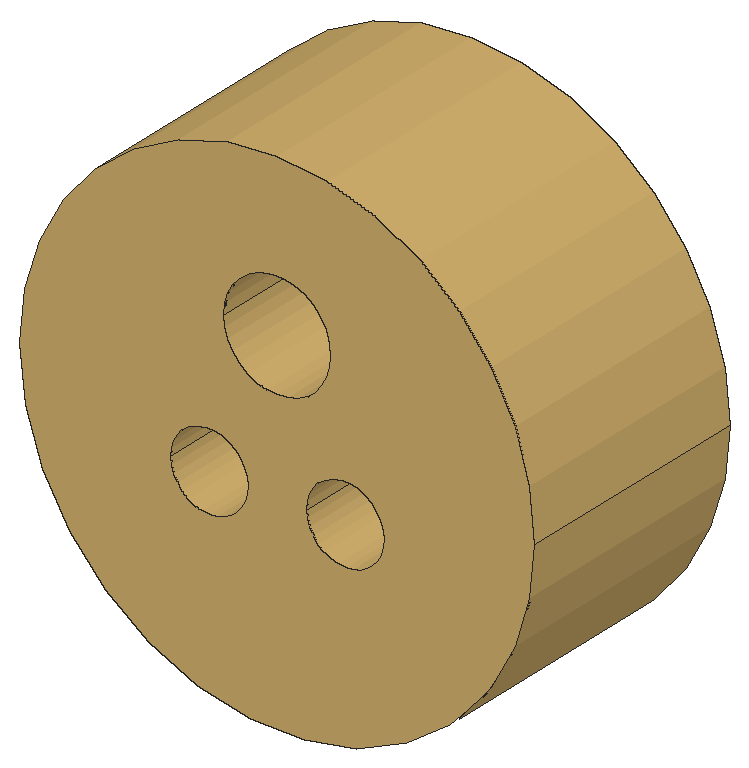
Revit family "PRD_FrankeWS_MxrTps_ExtensionSet_ACLM2002", category Specialty Equipment, Revit 2018
Family settings
  Round Connector Dimension = Use Diameter
  Part Type = Normal
  OmniClass Number = 23.45.05.14.99
  OmniClass Title = Other Sanitary Washing Plumbing Fixtures
  Work Plane-Based = Yes
  Always vertical = Yes
  Cut with Voids When Loaded = No
  Shared = No
  Room Calculation Point = No
Parameters (values of type "ACLM2002")
  WarrantyStartDate [instance] = "1900-12-31T23:59:59"
  WarrantyGuarantorParts = "n/a"
  WarrantyGuarantorLabor = "n/a"
  WarrantyDurationUnit = "year"
  WarrantyDurationParts = "n/a"
  WarrantyDurationLabor = "n/a"
  WarrantyDescription = "n/a"
  Version = "1"
  Uniclass2015Version = "Products v1.17"
  Uniclass2015Title = "Mixer taps"
  Uniclass2015Code = "Pr_40_20_87_55"
  URL = "www.kwc.com"
  TailorMade = "No"
  TagNumber [instance] = "n/a"
  SustainabilityPerformance = "n/a"
  Status = "New"
  Size = "n/a"
  Shape = "cylinder"
  SerialNumber [instance] = "n/a"
  Revision = "n/a"
  ReplacementCost = "n/a"
  Reference = "n/a"
  QuantityUom = "Piece"
  Quantity = "1"
  ProductInformation = "https://pim.kwc.com/product/2030044779/attachment/datasheet?locale=en"
  NominalWidth = 53 mm
  NominalLength = 53 mm
  NominalDepth = 25 mm
  NetWeight = 0.49 kg
  Name = "Extension set ACLM2002"
  NBSTypeID = "n/a"
  NBSReference = "n/a"
  NBSOfficeMasterTag = "n/a"
  NBSNote = "n/a"
  NBSDescription = "n/a"
  NBSCertification = "n/a"
  ModelReference = "ACLM2002"
  ModelNumber = "2030044779"
  Model = ModelReference  # "ACLM2002"
  Material = "n/a"
  ManufacturerURL = "www.kwc.com"
  ManufacturerName = "KWC Group AG"  # constant formula
  Manufacturer = ManufacturerName  # "KWC Group AG"
  IntegralAccessories = "n/a"
  InstallationDate [instance] = "1900-12-31T23:59:59"
  IfcExportType = "USERDEFINED"
  IfcExportAs = "IfcSanitaryTerminal"
  GrossWeight = 0.52 kg
  Grade = "n/a"
  Finish = "n/a"
  Features = "for F5L-Mix single-lever mixer DN 15"
  ExpectedLife = "n/a"
  DurationUnit = "year"
  Description = "Extension set for F5L-Mix single-lever mixer DN 15 for installation in walls, for depth compensation up to 25 mm."
  Default Elevation = 1219.2 mm
  CreatedOn = "04/2021"  # constant formula
  Constituents = "n/a"
  Color = "n/a"
  CodePerformance = "n/a"
  Category = "Pr_40_20_87_55, Mixer taps"
  BodyMaterial = PRD_AR_Brass
  BarCode [instance] = "n/a"
  BIMObjectName = "PRD_AR_MixerTaps_ExtensionSet_ACLM2002"
  Author = "Archispace"  # constant formula
  AssetType = "Fixed"
  AssetIdentifier [instance] = "n/a"
  AccessibilityPerformance = "n/a"
Reference planes
  plane 1 "Center (Front/Back)": y = 0
  plane 2: z = 0
  plane 3 "Center (Left/Right)": x = 0
Forms (mm)
  Extrusion 1, solid, material "PRD_AR_Brass" <- "BodyMaterial", detail levels fine
    sketch origin (0, 0, 0) x (1, 0, 0) y (0, 0, 1)
      loop
        circle (0, 0) r 26.5
      loop
        circle (-7, -5) r 4
      loop
        circle (7, -5) r 4
      loop
        circle (0, 10) r 5.5
    from 0 to 25
  Extrusion 2, solid, material "PRD_AR_Brass" <- "BodyMaterial", detail levels coarse+medium
    sketch origin (0, 0, 0) x (1, 0, 0) y (0, 0, 1)
      loop
        circle (0, 0) r 26.5
    from 0 to 25
Dimensions and locks
  aligned and locked: level to plane 2
